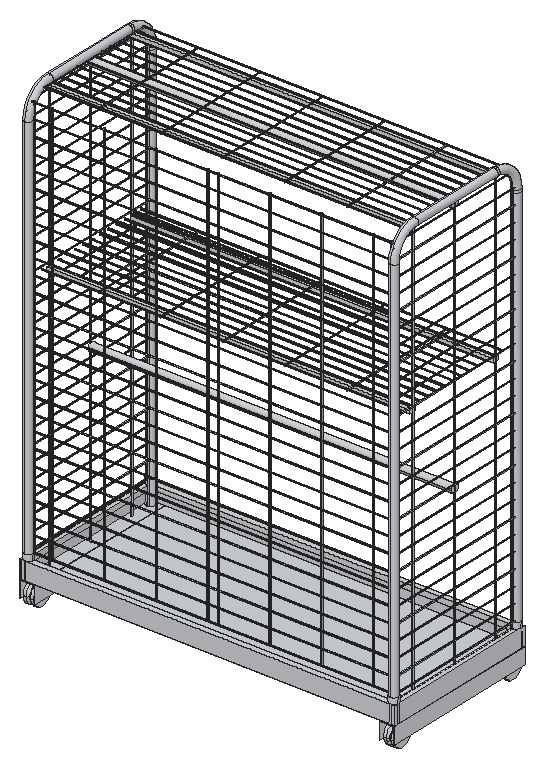
Revit family "GB 2 Cart - 2012", category Generic Models, host Floor, Revit 2012
Parameters
  URL = "http://www.wengercorp.com/Home/Contact.html"
  Silver Grille and Tubes = none
  Part Number = "241A054"
  Manufacturer = "Wenger Corporation"
  Keynote = "Wenger Gear Boss 2 Carts"
  Description = "Gear Boss 2 Cart"
  Black Paint = none
  Aluminium Wheel = none
Reference planes (in)
  plane 1 "Center (Front/Back)": y = 0
  plane 2: z = 0
  plane 3 "Center (Left/Right)": x = 0
  plane 4 "Wheele Revolve": z = 2
  plane 5 "Base SP": z = 4.864
  plane 6 "Bottom Pipe SP": z = 9.43822
Forms (in)
  Extrusion 1, solid, material <- "Black Paint"
    sketch origin (0, 0, 4.864) x (0, 1, 0) y (-1, 0, 0)
      loop
        line (-15.7, 36.2) -> (-15.7, -36.2) -> (15.7, -36.2) -> (15.7, 36.2) -> (-15.7, 36.2)
    from 0 to 0.07422
  Sweep 2, solid, material <- "Black Paint"
    path in 3D
      loop
        line (-36.2, 15.7, 4.93822) -> (-36.2, -15.7, 4.93822) -> (36.2, -15.7, 4.93822) -> (36.2, 15.7, 4.93822) -> (-36.2, 15.7, 4.93822)
    profile origin (0, 15.7, 4.93822) x (0, -1, 0) y (0, 0, 1)
      loop
        line (0, 0) -> (0.07422, 0) -> (0.07422, 3.42578) -> (0.92578, 3.42578) -> (0.92578, 2.5) -> (1, 2.5) -> (1, 3.5) -> (0, 3.5) -> (0, 0)
  Extrusion 3, solid, material <- "Black Paint"
    sketch origin (0, 0, 0) x (1, 0, 0) y (0, 0, 1)
      loop
        line (36.2, 4.864) -> (33.25, 4.864) -> (33.25, 1.509) -> (33.355, 1.509) -> (33.355, 4.759) -> (36.095, 4.759) -> (36.095, 1.614) -> (36.2, 1.614) -> (36.2, 4.864)
    from -15.7 to 15.7
  Extrusion 4, solid, material <- "Black Paint"
    sketch origin (0, 0, 0) x (-1, 0, 0) y (0, 0, -1)
      loop
        line (36.2, -4.864) -> (36.2, -1.614) -> (36.095, -1.614) -> (36.095, -4.759) -> (33.355, -4.759) -> (33.355, -1.509) -> (33.25, -1.509) -> (33.25, -4.864) -> (36.2, -4.864)
    from -15.62578 to 15.7
  Extrusion 5, solid, material <- "Black Paint"
    sketch origin (36.12578, 15.62578, 4.93822) x (0, 1, 0) y (1, 0, 0)
      loop
        circle (-0.80078, -0.80078) r 0.875
    from -4.5 to 0
  Extrusion 6, solid, material <- "Black Paint"
    sketch origin (36.12578, -15.62578, 4.93822) x (0, 1, 0) y (1, 0, 0)
      loop
        circle (0.80078, -0.80078) r 0.875
    from -4.5 to 0
  Extrusion 7, solid, material <- "Black Paint"
    sketch origin (-36.12578, 15.62578, 4.93822) x (0, -1, 0) y (-1, 0, 0)
      loop
        circle (0.80078, -0.80078) r 0.875
    from -4.5 to 0
  Extrusion 8, solid, material <- "Black Paint"
    sketch origin (-36.12578, -15.62578, 4.93822) x (0, -1, 0) y (-1, 0, 0)
      loop
        circle (-0.80078, -0.80078) r 0.875
    from -4.5 to 0
  Sweep 9, solid, material <- "Silver Grille and Tubes"
    path origin (-36.2, 15.7, 4.93822) x (0, -1, 0) y (0, 0, 1)
      loop
        line (0.875, 4.5) -> (0.875, 78.93) -> (0.875, 79.435)
        arc (0.875, 79.435) -> (2.33947, 82.97053) -> (5.875, 84.435) r 5
        line (5.875, 84.435) -> (6.38, 84.435) -> (25.525, 84.435)
        arc (25.525, 84.435) -> (29.06053, 82.97053) -> (30.525, 79.435) r 5
        line (30.525, 79.435) -> (30.525, 4.5)
    profile origin (-36.2, 14.825, 46.65322) x (0, 1, 0) y (-1, 0, 0)
      loop
        circle (0, -0.875) r 0.75
  Sweep 10, solid, material <- "Silver Grille and Tubes"
    path origin (36.2, 15.7, 4.93822) x (0, -1, 0) y (0, 0, -1)
      loop
        line (0.875, -4.5) -> (0.875, -78.93) -> (0.875, -79.435)
        arc (0.875, -79.435) -> (2.33947, -82.97053) -> (5.875, -84.435) r 5
        line (5.875, -84.435) -> (6.38, -84.435) -> (25.525, -84.435)
        arc (25.525, -84.435) -> (29.06053, -82.97053) -> (30.525, -79.435) r 5
        line (30.525, -79.435) -> (30.525, -4.5)
    profile origin (36.2, 14.825, 46.65322) x (0, -1, 0) y (1, 0, 0)
      loop
        circle (0, -0.875) r 0.75
  Extrusion 11, solid, material <- "Silver Grille and Tubes"
    sketch origin (0, 0, 0) x (1, 0, 0) y (0, 0, 1)
      loop
        line (35.37898, 9.43822) -> (35.43296, 9.53172) -> (35.37898, 9.62522) -> (35.27102, 9.62522) -> (35.21704, 9.53172) -> (35.27102, 9.43822) -> (35.37898, 9.43822)
    from -14.4019 to 14.51017
  Extrusion 12, solid, material <- "Silver Grille and Tubes"
    sketch origin (0, 0, 3) x (1, 0, 0) y (0, 0, 1)
      loop
        line (35.37898, 9.43822) -> (35.43296, 9.53172) -> (35.37898, 9.62522) -> (35.27102, 9.62522) -> (35.21704, 9.53172) -> (35.27102, 9.43822) -> (35.37898, 9.43822)
    from -14.4019 to 14.51017
  Extrusion 13, solid, material <- "Silver Grille and Tubes"
    sketch origin (0, 0, 6) x (1, 0, 0) y (0, 0, 1)
      loop
        line (35.37898, 9.43822) -> (35.43296, 9.53172) -> (35.37898, 9.62522) -> (35.27102, 9.62522) -> (35.21704, 9.53172) -> (35.27102, 9.43822) -> (35.37898, 9.43822)
    from -14.4019 to 14.51017
  Extrusion 14, solid, material <- "Silver Grille and Tubes"
    sketch origin (0, 0, 9) x (1, 0, 0) y (0, 0, 1)
      loop
        line (35.37898, 9.43822) -> (35.43296, 9.53172) -> (35.37898, 9.62522) -> (35.27102, 9.62522) -> (35.21704, 9.53172) -> (35.27102, 9.43822) -> (35.37898, 9.43822)
    from -14.4019 to 14.51017
  Extrusion 15, solid, material <- "Silver Grille and Tubes"
    sketch origin (0, 0, 12) x (1, 0, 0) y (0, 0, 1)
      loop
        line (35.37898, 9.43822) -> (35.43296, 9.53172) -> (35.37898, 9.62522) -> (35.27102, 9.62522) -> (35.21704, 9.53172) -> (35.27102, 9.43822) -> (35.37898, 9.43822)
    from -14.4019 to 14.51017
  Extrusion 16, solid, material <- "Silver Grille and Tubes"
    sketch origin (0, 0, 15) x (1, 0, 0) y (0, 0, 1)
      loop
        line (35.37898, 9.43822) -> (35.43296, 9.53172) -> (35.37898, 9.62522) -> (35.27102, 9.62522) -> (35.21704, 9.53172) -> (35.27102, 9.43822) -> (35.37898, 9.43822)
    from -14.4019 to 14.51017
  Extrusion 17, solid, material <- "Silver Grille and Tubes"
    sketch origin (0, 0, 18) x (1, 0, 0) y (0, 0, 1)
      loop
        line (35.37898, 9.43822) -> (35.43296, 9.53172) -> (35.37898, 9.62522) -> (35.27102, 9.62522) -> (35.21704, 9.53172) -> (35.27102, 9.43822) -> (35.37898, 9.43822)
    from -14.4019 to 14.51017
  Extrusion 18, solid, material <- "Silver Grille and Tubes"
    sketch origin (0, 0, 21) x (1, 0, 0) y (0, 0, 1)
      loop
        line (35.37898, 9.43822) -> (35.43296, 9.53172) -> (35.37898, 9.62522) -> (35.27102, 9.62522) -> (35.21704, 9.53172) -> (35.27102, 9.43822) -> (35.37898, 9.43822)
    from -14.4019 to 14.51017
  Extrusion 19, solid, material <- "Silver Grille and Tubes"
    sketch origin (0, 0, 24) x (1, 0, 0) y (0, 0, 1)
      loop
        line (35.37898, 9.43822) -> (35.43296, 9.53172) -> (35.37898, 9.62522) -> (35.27102, 9.62522) -> (35.21704, 9.53172) -> (35.27102, 9.43822) -> (35.37898, 9.43822)
    from -14.4019 to 14.51017
  Extrusion 20, solid, material <- "Silver Grille and Tubes"
    sketch origin (0, 0, 27) x (1, 0, 0) y (0, 0, 1)
      loop
        line (35.37898, 9.43822) -> (35.43296, 9.53172) -> (35.37898, 9.62522) -> (35.27102, 9.62522) -> (35.21704, 9.53172) -> (35.27102, 9.43822) -> (35.37898, 9.43822)
    from -14.4019 to 14.51017
  Extrusion 21, solid, material <- "Silver Grille and Tubes"
    sketch origin (0, 0, 30) x (1, 0, 0) y (0, 0, 1)
      loop
        line (35.37898, 9.43822) -> (35.43296, 9.53172) -> (35.37898, 9.62522) -> (35.27102, 9.62522) -> (35.21704, 9.53172) -> (35.27102, 9.43822) -> (35.37898, 9.43822)
    from -14.4019 to 14.51017
  Extrusion 22, solid, material <- "Silver Grille and Tubes"
    sketch origin (0, 0, 33) x (1, 0, 0) y (0, 0, 1)
      loop
        line (35.37898, 9.43822) -> (35.43296, 9.53172) -> (35.37898, 9.62522) -> (35.27102, 9.62522) -> (35.21704, 9.53172) -> (35.27102, 9.43822) -> (35.37898, 9.43822)
    from -14.4019 to 14.51017
  Extrusion 23, solid, material <- "Silver Grille and Tubes"
    sketch origin (0, 0, 36) x (1, 0, 0) y (0, 0, 1)
      loop
        line (35.37898, 9.43822) -> (35.43296, 9.53172) -> (35.37898, 9.62522) -> (35.27102, 9.62522) -> (35.21704, 9.53172) -> (35.27102, 9.43822) -> (35.37898, 9.43822)
    from -14.4019 to 14.51017
  Extrusion 24, solid, material <- "Silver Grille and Tubes"
    sketch origin (0, 0, 39) x (1, 0, 0) y (0, 0, 1)
      loop
        line (35.37898, 9.43822) -> (35.43296, 9.53172) -> (35.37898, 9.62522) -> (35.27102, 9.62522) -> (35.21704, 9.53172) -> (35.27102, 9.43822) -> (35.37898, 9.43822)
    from -14.4019 to 14.51017
  Extrusion 25, solid, material <- "Silver Grille and Tubes"
    sketch origin (0, 0, 42) x (1, 0, 0) y (0, 0, 1)
      loop
        line (35.37898, 9.43822) -> (35.43296, 9.53172) -> (35.37898, 9.62522) -> (35.27102, 9.62522) -> (35.21704, 9.53172) -> (35.27102, 9.43822) -> (35.37898, 9.43822)
    from -14.4019 to 14.51017
  Extrusion 26, solid, material <- "Silver Grille and Tubes"
    sketch origin (0, 0, 45) x (1, 0, 0) y (0, 0, 1)
      loop
        line (35.37898, 9.43822) -> (35.43296, 9.53172) -> (35.37898, 9.62522) -> (35.27102, 9.62522) -> (35.21704, 9.53172) -> (35.27102, 9.43822) -> (35.37898, 9.43822)
    from -14.4019 to 14.51017
  Extrusion 27, solid, material <- "Silver Grille and Tubes"
    sketch origin (0, 0, 48) x (1, 0, 0) y (0, 0, 1)
      loop
        line (35.37898, 9.43822) -> (35.43296, 9.53172) -> (35.37898, 9.62522) -> (35.27102, 9.62522) -> (35.21704, 9.53172) -> (35.27102, 9.43822) -> (35.37898, 9.43822)
    from -14.4019 to 14.51017
  Extrusion 28, solid, material <- "Silver Grille and Tubes"
    sketch origin (0, 0, 51) x (1, 0, 0) y (0, 0, 1)
      loop
        line (35.37898, 9.43822) -> (35.43296, 9.53172) -> (35.37898, 9.62522) -> (35.27102, 9.62522) -> (35.21704, 9.53172) -> (35.27102, 9.43822) -> (35.37898, 9.43822)
    from -14.4019 to 14.51017
  Extrusion 29, solid, material <- "Silver Grille and Tubes"
    sketch origin (0, 0, 54) x (1, 0, 0) y (0, 0, 1)
      loop
        line (35.37898, 9.43822) -> (35.43296, 9.53172) -> (35.37898, 9.62522) -> (35.27102, 9.62522) -> (35.21704, 9.53172) -> (35.27102, 9.43822) -> (35.37898, 9.43822)
    from -14.4019 to 14.51017
  Extrusion 30, solid, material <- "Silver Grille and Tubes"
    sketch origin (0, 0, 57) x (1, 0, 0) y (0, 0, 1)
      loop
        line (35.37898, 9.43822) -> (35.43296, 9.53172) -> (35.37898, 9.62522) -> (35.27102, 9.62522) -> (35.21704, 9.53172) -> (35.27102, 9.43822) -> (35.37898, 9.43822)
    from -14.4019 to 14.51017
  Extrusion 31, solid, material <- "Silver Grille and Tubes"
    sketch origin (0, 0, 60) x (1, 0, 0) y (0, 0, 1)
      loop
        line (35.37898, 9.43822) -> (35.43296, 9.53172) -> (35.37898, 9.62522) -> (35.27102, 9.62522) -> (35.21704, 9.53172) -> (35.27102, 9.43822) -> (35.37898, 9.43822)
    from -14.4019 to 14.51017
  Extrusion 32, solid, material <- "Silver Grille and Tubes"
    sketch origin (0, 0, 63) x (1, 0, 0) y (0, 0, 1)
      loop
        line (35.37898, 9.43822) -> (35.43296, 9.53172) -> (35.37898, 9.62522) -> (35.27102, 9.62522) -> (35.21704, 9.53172) -> (35.27102, 9.43822) -> (35.37898, 9.43822)
    from -14.4019 to 14.51017
  Extrusion 33, solid, material <- "Silver Grille and Tubes"
    sketch origin (0, 0, 66) x (1, 0, 0) y (0, 0, 1)
      loop
        line (35.37898, 9.43822) -> (35.43296, 9.53172) -> (35.37898, 9.62522) -> (35.27102, 9.62522) -> (35.21704, 9.53172) -> (35.27102, 9.43822) -> (35.37898, 9.43822)
    from -14.4019 to 14.51017
  Extrusion 34, solid, material <- "Silver Grille and Tubes"
    sketch origin (0, 0, 69) x (1, 0, 0) y (0, 0, 1)
      loop
        line (35.37898, 9.43822) -> (35.43296, 9.53172) -> (35.37898, 9.62522) -> (35.27102, 9.62522) -> (35.21704, 9.53172) -> (35.27102, 9.43822) -> (35.37898, 9.43822)
    from -14.4019 to 14.51017
  Extrusion 35, solid, material <- "Silver Grille and Tubes"
    sketch origin (0, 0, 72) x (1, 0, 0) y (0, 0, 1)
      loop
        line (35.37898, 9.43822) -> (35.43296, 9.53172) -> (35.37898, 9.62522) -> (35.27102, 9.62522) -> (35.21704, 9.53172) -> (35.27102, 9.43822) -> (35.37898, 9.43822)
    from -14.4019 to 14.51017
  Extrusion 36, solid, material <- "Silver Grille and Tubes"
    sketch origin (0, 0, 75) x (1, 0, 0) y (0, 0, 1)
      loop
        line (35.37898, 9.43822) -> (35.43296, 9.53172) -> (35.37898, 9.62522) -> (35.27102, 9.62522) -> (35.21704, 9.53172) -> (35.27102, 9.43822) -> (35.37898, 9.43822)
    from -14.4019 to 14.51017
  Extrusion 37, solid, material <- "Silver Grille and Tubes"
    sketch origin (0, 0, 78) x (1, 0, 0) y (0, 0, 1)
      loop
        line (35.37898, 9.43822) -> (35.43296, 9.53172) -> (35.37898, 9.62522) -> (35.27102, 9.62522) -> (35.21704, 9.53172) -> (35.27102, 9.43822) -> (35.37898, 9.43822)
    from -14.4019 to 14.51017
  Extrusion 38, solid, material <- "Silver Grille and Tubes", not visible
    sketch origin (0, 0, 0) x (1, 0, 0) y (0, 0, 1)
      loop
        line (35.37898, 9.43822) -> (35.43296, 9.53172) -> (35.37898, 9.62522) -> (35.27102, 9.62522) -> (35.21704, 9.53172) -> (35.27102, 9.43822) -> (35.37898, 9.43822)
    from -14.4019 to 14.51017
  Extrusion 39, solid, material <- "Silver Grille and Tubes", not visible
    sketch origin (0, 0, 0) x (1, 0, 0) y (0, 0, 1)
      loop
        line (35.37898, 9.43822) -> (35.43296, 9.53172) -> (35.37898, 9.62522) -> (35.27102, 9.62522) -> (35.21704, 9.53172) -> (35.27102, 9.43822) -> (35.37898, 9.43822)
    from -14.4019 to 14.51017
  Extrusion 40, solid, material <- "Silver Grille and Tubes", not visible
    sketch origin (0, 0, 3) x (1, 0, 0) y (0, 0, 1)
      loop
        line (35.37898, 9.43822) -> (35.43296, 9.53172) -> (35.37898, 9.62522) -> (35.27102, 9.62522) -> (35.21704, 9.53172) -> (35.27102, 9.43822) -> (35.37898, 9.43822)
    from -14.4019 to 14.51017
  Extrusion 41, solid, material <- "Silver Grille and Tubes", not visible
    sketch origin (0, 0, 6) x (1, 0, 0) y (0, 0, 1)
      loop
        line (35.37898, 9.43822) -> (35.43296, 9.53172) -> (35.37898, 9.62522) -> (35.27102, 9.62522) -> (35.21704, 9.53172) -> (35.27102, 9.43822) -> (35.37898, 9.43822)
    from -14.4019 to 14.51017
  Extrusion 42, solid, material <- "Silver Grille and Tubes", not visible
    sketch origin (0, 0, 9) x (1, 0, 0) y (0, 0, 1)
      loop
        line (35.37898, 9.43822) -> (35.43296, 9.53172) -> (35.37898, 9.62522) -> (35.27102, 9.62522) -> (35.21704, 9.53172) -> (35.27102, 9.43822) -> (35.37898, 9.43822)
    from -14.4019 to 14.51017
  Extrusion 43, solid, material <- "Silver Grille and Tubes", not visible
    sketch origin (0, 0, 12) x (1, 0, 0) y (0, 0, 1)
      loop
        line (35.37898, 9.43822) -> (35.43296, 9.53172) -> (35.37898, 9.62522) -> (35.27102, 9.62522) -> (35.21704, 9.53172) -> (35.27102, 9.43822) -> (35.37898, 9.43822)
    from -14.4019 to 14.51017
  Extrusion 44, solid, material <- "Silver Grille and Tubes", not visible
    sketch origin (0, 0, 15) x (1, 0, 0) y (0, 0, 1)
      loop
        line (35.37898, 9.43822) -> (35.43296, 9.53172) -> (35.37898, 9.62522) -> (35.27102, 9.62522) -> (35.21704, 9.53172) -> (35.27102, 9.43822) -> (35.37898, 9.43822)
    from -14.4019 to 14.51017
  Extrusion 45, solid, material <- "Silver Grille and Tubes", not visible
    sketch origin (0, 0, 18) x (1, 0, 0) y (0, 0, 1)
      loop
        line (35.37898, 9.43822) -> (35.43296, 9.53172) -> (35.37898, 9.62522) -> (35.27102, 9.62522) -> (35.21704, 9.53172) -> (35.27102, 9.43822) -> (35.37898, 9.43822)
    from -14.4019 to 14.51017
  Extrusion 46, solid, material <- "Silver Grille and Tubes", not visible
    sketch origin (0, 0, 21) x (1, 0, 0) y (0, 0, 1)
      loop
        line (35.37898, 9.43822) -> (35.43296, 9.53172) -> (35.37898, 9.62522) -> (35.27102, 9.62522) -> (35.21704, 9.53172) -> (35.27102, 9.43822) -> (35.37898, 9.43822)
    from -14.4019 to 14.51017
  Extrusion 47, solid, material <- "Silver Grille and Tubes", not visible
    sketch origin (0, 0, 24) x (1, 0, 0) y (0, 0, 1)
      loop
        line (35.37898, 9.43822) -> (35.43296, 9.53172) -> (35.37898, 9.62522) -> (35.27102, 9.62522) -> (35.21704, 9.53172) -> (35.27102, 9.43822) -> (35.37898, 9.43822)
    from -14.4019 to 14.51017
  Extrusion 48, solid, material <- "Silver Grille and Tubes", not visible
    sketch origin (0, 0, 27) x (1, 0, 0) y (0, 0, 1)
      loop
        line (35.37898, 9.43822) -> (35.43296, 9.53172) -> (35.37898, 9.62522) -> (35.27102, 9.62522) -> (35.21704, 9.53172) -> (35.27102, 9.43822) -> (35.37898, 9.43822)
    from -14.4019 to 14.51017
  Extrusion 49, solid, material <- "Silver Grille and Tubes", not visible
    sketch origin (0, 0, 30) x (1, 0, 0) y (0, 0, 1)
      loop
        line (35.37898, 9.43822) -> (35.43296, 9.53172) -> (35.37898, 9.62522) -> (35.27102, 9.62522) -> (35.21704, 9.53172) -> (35.27102, 9.43822) -> (35.37898, 9.43822)
    from -14.4019 to 14.51017
  Extrusion 50, solid, material <- "Silver Grille and Tubes", not visible
    sketch origin (0, 0, 33) x (1, 0, 0) y (0, 0, 1)
      loop
        line (35.37898, 9.43822) -> (35.43296, 9.53172) -> (35.37898, 9.62522) -> (35.27102, 9.62522) -> (35.21704, 9.53172) -> (35.27102, 9.43822) -> (35.37898, 9.43822)
    from -14.4019 to 14.51017
  Extrusion 51, solid, material <- "Silver Grille and Tubes", not visible
    sketch origin (0, 0, 36) x (1, 0, 0) y (0, 0, 1)
      loop
        line (35.37898, 9.43822) -> (35.43296, 9.53172) -> (35.37898, 9.62522) -> (35.27102, 9.62522) -> (35.21704, 9.53172) -> (35.27102, 9.43822) -> (35.37898, 9.43822)
    from -14.4019 to 14.51017
  Extrusion 52, solid, material <- "Silver Grille and Tubes", not visible
    sketch origin (0, 0, 39) x (1, 0, 0) y (0, 0, 1)
      loop
        line (35.37898, 9.43822) -> (35.43296, 9.53172) -> (35.37898, 9.62522) -> (35.27102, 9.62522) -> (35.21704, 9.53172) -> (35.27102, 9.43822) -> (35.37898, 9.43822)
    from -14.4019 to 14.51017
  Extrusion 53, solid, material <- "Silver Grille and Tubes", not visible
    sketch origin (0, 0, 42) x (1, 0, 0) y (0, 0, 1)
      loop
        line (35.37898, 9.43822) -> (35.43296, 9.53172) -> (35.37898, 9.62522) -> (35.27102, 9.62522) -> (35.21704, 9.53172) -> (35.27102, 9.43822) -> (35.37898, 9.43822)
    from -14.4019 to 14.51017
  Extrusion 54, solid, material <- "Silver Grille and Tubes", not visible
    sketch origin (0, 0, 45) x (1, 0, 0) y (0, 0, 1)
      loop
        line (35.37898, 9.43822) -> (35.43296, 9.53172) -> (35.37898, 9.62522) -> (35.27102, 9.62522) -> (35.21704, 9.53172) -> (35.27102, 9.43822) -> (35.37898, 9.43822)
    from -14.4019 to 14.51017
  Extrusion 55, solid, material <- "Silver Grille and Tubes", not visible
    sketch origin (0, 0, 48) x (1, 0, 0) y (0, 0, 1)
      loop
        line (35.37898, 9.43822) -> (35.43296, 9.53172) -> (35.37898, 9.62522) -> (35.27102, 9.62522) -> (35.21704, 9.53172) -> (35.27102, 9.43822) -> (35.37898, 9.43822)
    from -14.4019 to 14.51017
  Extrusion 56, solid, material <- "Silver Grille and Tubes", not visible
    sketch origin (0, 0, 51) x (1, 0, 0) y (0, 0, 1)
      loop
        line (35.37898, 9.43822) -> (35.43296, 9.53172) -> (35.37898, 9.62522) -> (35.27102, 9.62522) -> (35.21704, 9.53172) -> (35.27102, 9.43822) -> (35.37898, 9.43822)
    from -14.4019 to 14.51017
  Extrusion 57, solid, material <- "Silver Grille and Tubes", not visible
    sketch origin (0, 0, 54) x (1, 0, 0) y (0, 0, 1)
      loop
        line (35.37898, 9.43822) -> (35.43296, 9.53172) -> (35.37898, 9.62522) -> (35.27102, 9.62522) -> (35.21704, 9.53172) -> (35.27102, 9.43822) -> (35.37898, 9.43822)
    from -14.4019 to 14.51017
  Extrusion 58, solid, material <- "Silver Grille and Tubes", not visible
    sketch origin (0, 0, 57) x (1, 0, 0) y (0, 0, 1)
      loop
        line (35.37898, 9.43822) -> (35.43296, 9.53172) -> (35.37898, 9.62522) -> (35.27102, 9.62522) -> (35.21704, 9.53172) -> (35.27102, 9.43822) -> (35.37898, 9.43822)
    from -14.4019 to 14.51017
  Extrusion 59, solid, material <- "Silver Grille and Tubes", not visible
    sketch origin (0, 0, 60) x (1, 0, 0) y (0, 0, 1)
      loop
        line (35.37898, 9.43822) -> (35.43296, 9.53172) -> (35.37898, 9.62522) -> (35.27102, 9.62522) -> (35.21704, 9.53172) -> (35.27102, 9.43822) -> (35.37898, 9.43822)
    from -14.4019 to 14.51017
  Extrusion 60, solid, material <- "Silver Grille and Tubes", not visible
    sketch origin (0, 0, 63) x (1, 0, 0) y (0, 0, 1)
      loop
        line (35.37898, 9.43822) -> (35.43296, 9.53172) -> (35.37898, 9.62522) -> (35.27102, 9.62522) -> (35.21704, 9.53172) -> (35.27102, 9.43822) -> (35.37898, 9.43822)
    from -14.4019 to 14.51017
  Extrusion 61, solid, material <- "Silver Grille and Tubes", not visible
    sketch origin (0, 0, 66) x (1, 0, 0) y (0, 0, 1)
      loop
        line (35.37898, 9.43822) -> (35.43296, 9.53172) -> (35.37898, 9.62522) -> (35.27102, 9.62522) -> (35.21704, 9.53172) -> (35.27102, 9.43822) -> (35.37898, 9.43822)
    from -14.4019 to 14.51017
  Extrusion 62, solid, material <- "Silver Grille and Tubes", not visible
    sketch origin (0, 0, 69) x (1, 0, 0) y (0, 0, 1)
      loop
        line (35.37898, 9.43822) -> (35.43296, 9.53172) -> (35.37898, 9.62522) -> (35.27102, 9.62522) -> (35.21704, 9.53172) -> (35.27102, 9.43822) -> (35.37898, 9.43822)
    from -14.4019 to 14.51017
  Extrusion 63, solid, material <- "Silver Grille and Tubes", not visible
    sketch origin (0, 0, 72) x (1, 0, 0) y (0, 0, 1)
      loop
        line (35.37898, 9.43822) -> (35.43296, 9.53172) -> (35.37898, 9.62522) -> (35.27102, 9.62522) -> (35.21704, 9.53172) -> (35.27102, 9.43822) -> (35.37898, 9.43822)
    from -14.4019 to 14.51017
  Extrusion 64, solid, material <- "Silver Grille and Tubes", not visible
    sketch origin (0, 0, 75) x (1, 0, 0) y (0, 0, 1)
      loop
        line (35.37898, 9.43822) -> (35.43296, 9.53172) -> (35.37898, 9.62522) -> (35.27102, 9.62522) -> (35.21704, 9.53172) -> (35.27102, 9.43822) -> (35.37898, 9.43822)
    from -14.4019 to 14.51017
  Extrusion 65, solid, material <- "Silver Grille and Tubes", not visible
    sketch origin (0, 0, 78) x (1, 0, 0) y (0, 0, 1)
      loop
        line (35.37898, 9.43822) -> (35.43296, 9.53172) -> (35.37898, 9.62522) -> (35.27102, 9.62522) -> (35.21704, 9.53172) -> (35.27102, 9.43822) -> (35.37898, 9.43822)
    from -14.4019 to 14.51017
  Extrusion 66, solid, material <- "Silver Grille and Tubes"
    sketch origin (0, 0, 0) x (-1, 0, 0) y (0, 0, 1)
      loop
        line (35.37898, 9.43822) -> (35.43296, 9.53172) -> (35.37898, 9.62522) -> (35.27102, 9.62522) -> (35.21704, 9.53172) -> (35.27102, 9.43822) -> (35.37898, 9.43822)
    from -14.4019 to 14.51017
  Extrusion 67, solid, material <- "Silver Grille and Tubes"
    sketch origin (0, 0, 3) x (-1, 0, 0) y (0, 0, 1)
      loop
        line (35.37898, 9.43822) -> (35.43296, 9.53172) -> (35.37898, 9.62522) -> (35.27102, 9.62522) -> (35.21704, 9.53172) -> (35.27102, 9.43822) -> (35.37898, 9.43822)
    from -14.4019 to 14.51017
  Extrusion 68, solid, material <- "Silver Grille and Tubes"
    sketch origin (0, 0, 6) x (-1, 0, 0) y (0, 0, 1)
      loop
        line (35.37898, 9.43822) -> (35.43296, 9.53172) -> (35.37898, 9.62522) -> (35.27102, 9.62522) -> (35.21704, 9.53172) -> (35.27102, 9.43822) -> (35.37898, 9.43822)
    from -14.4019 to 14.51017
  Extrusion 69, solid, material <- "Silver Grille and Tubes"
    sketch origin (0, 0, 9) x (-1, 0, 0) y (0, 0, 1)
      loop
        line (35.37898, 9.43822) -> (35.43296, 9.53172) -> (35.37898, 9.62522) -> (35.27102, 9.62522) -> (35.21704, 9.53172) -> (35.27102, 9.43822) -> (35.37898, 9.43822)
    from -14.4019 to 14.51017
  Extrusion 70, solid, material <- "Silver Grille and Tubes"
    sketch origin (0, 0, 12) x (-1, 0, 0) y (0, 0, 1)
      loop
        line (35.37898, 9.43822) -> (35.43296, 9.53172) -> (35.37898, 9.62522) -> (35.27102, 9.62522) -> (35.21704, 9.53172) -> (35.27102, 9.43822) -> (35.37898, 9.43822)
    from -14.4019 to 14.51017
  Extrusion 71, solid, material <- "Silver Grille and Tubes"
    sketch origin (0, 0, 15) x (-1, 0, 0) y (0, 0, 1)
      loop
        line (35.37898, 9.43822) -> (35.43296, 9.53172) -> (35.37898, 9.62522) -> (35.27102, 9.62522) -> (35.21704, 9.53172) -> (35.27102, 9.43822) -> (35.37898, 9.43822)
    from -14.4019 to 14.51017
  Extrusion 72, solid, material <- "Silver Grille and Tubes"
    sketch origin (0, 0, 18) x (-1, 0, 0) y (0, 0, 1)
      loop
        line (35.37898, 9.43822) -> (35.43296, 9.53172) -> (35.37898, 9.62522) -> (35.27102, 9.62522) -> (35.21704, 9.53172) -> (35.27102, 9.43822) -> (35.37898, 9.43822)
    from -14.4019 to 14.51017
  Extrusion 73, solid, material <- "Silver Grille and Tubes"
    sketch origin (0, 0, 21) x (-1, 0, 0) y (0, 0, 1)
      loop
        line (35.37898, 9.43822) -> (35.43296, 9.53172) -> (35.37898, 9.62522) -> (35.27102, 9.62522) -> (35.21704, 9.53172) -> (35.27102, 9.43822) -> (35.37898, 9.43822)
    from -14.4019 to 14.51017
  Extrusion 74, solid, material <- "Silver Grille and Tubes"
    sketch origin (0, 0, 24) x (-1, 0, 0) y (0, 0, 1)
      loop
        line (35.37898, 9.43822) -> (35.43296, 9.53172) -> (35.37898, 9.62522) -> (35.27102, 9.62522) -> (35.21704, 9.53172) -> (35.27102, 9.43822) -> (35.37898, 9.43822)
    from -14.4019 to 14.51017
  Extrusion 75, solid, material <- "Silver Grille and Tubes"
    sketch origin (0, 0, 27) x (-1, 0, 0) y (0, 0, 1)
      loop
        line (35.37898, 9.43822) -> (35.43296, 9.53172) -> (35.37898, 9.62522) -> (35.27102, 9.62522) -> (35.21704, 9.53172) -> (35.27102, 9.43822) -> (35.37898, 9.43822)
    from -14.4019 to 14.51017
  Extrusion 76, solid, material <- "Silver Grille and Tubes"
    sketch origin (0, 0, 30) x (-1, 0, 0) y (0, 0, 1)
      loop
        line (35.37898, 9.43822) -> (35.43296, 9.53172) -> (35.37898, 9.62522) -> (35.27102, 9.62522) -> (35.21704, 9.53172) -> (35.27102, 9.43822) -> (35.37898, 9.43822)
    from -14.4019 to 14.51017
  Extrusion 77, solid, material <- "Silver Grille and Tubes"
    sketch origin (0, 0, 33) x (-1, 0, 0) y (0, 0, 1)
      loop
        line (35.37898, 9.43822) -> (35.43296, 9.53172) -> (35.37898, 9.62522) -> (35.27102, 9.62522) -> (35.21704, 9.53172) -> (35.27102, 9.43822) -> (35.37898, 9.43822)
    from -14.4019 to 14.51017
  Extrusion 78, solid, material <- "Silver Grille and Tubes"
    sketch origin (0, 0, 36) x (-1, 0, 0) y (0, 0, 1)
      loop
        line (35.37898, 9.43822) -> (35.43296, 9.53172) -> (35.37898, 9.62522) -> (35.27102, 9.62522) -> (35.21704, 9.53172) -> (35.27102, 9.43822) -> (35.37898, 9.43822)
    from -14.4019 to 14.51017
  Extrusion 79, solid, material <- "Silver Grille and Tubes"
    sketch origin (0, 0, 39) x (-1, 0, 0) y (0, 0, 1)
      loop
        line (35.37898, 9.43822) -> (35.43296, 9.53172) -> (35.37898, 9.62522) -> (35.27102, 9.62522) -> (35.21704, 9.53172) -> (35.27102, 9.43822) -> (35.37898, 9.43822)
    from -14.4019 to 14.51017
  Extrusion 80, solid, material <- "Silver Grille and Tubes"
    sketch origin (0, 0, 42) x (-1, 0, 0) y (0, 0, 1)
      loop
        line (35.37898, 9.43822) -> (35.43296, 9.53172) -> (35.37898, 9.62522) -> (35.27102, 9.62522) -> (35.21704, 9.53172) -> (35.27102, 9.43822) -> (35.37898, 9.43822)
    from -14.4019 to 14.51017
  Extrusion 81, solid, material <- "Silver Grille and Tubes"
    sketch origin (0, 0, 45) x (-1, 0, 0) y (0, 0, 1)
      loop
        line (35.37898, 9.43822) -> (35.43296, 9.53172) -> (35.37898, 9.62522) -> (35.27102, 9.62522) -> (35.21704, 9.53172) -> (35.27102, 9.43822) -> (35.37898, 9.43822)
    from -14.4019 to 14.51017
  Extrusion 82, solid, material <- "Silver Grille and Tubes"
    sketch origin (0, 0, 48) x (-1, 0, 0) y (0, 0, 1)
      loop
        line (35.37898, 9.43822) -> (35.43296, 9.53172) -> (35.37898, 9.62522) -> (35.27102, 9.62522) -> (35.21704, 9.53172) -> (35.27102, 9.43822) -> (35.37898, 9.43822)
    from -14.4019 to 14.51017
  Extrusion 83, solid, material <- "Silver Grille and Tubes"
    sketch origin (0, 0, 51) x (-1, 0, 0) y (0, 0, 1)
      loop
        line (35.37898, 9.43822) -> (35.43296, 9.53172) -> (35.37898, 9.62522) -> (35.27102, 9.62522) -> (35.21704, 9.53172) -> (35.27102, 9.43822) -> (35.37898, 9.43822)
    from -14.4019 to 14.51017
  Extrusion 84, solid, material <- "Silver Grille and Tubes"
    sketch origin (0, 0, 54) x (-1, 0, 0) y (0, 0, 1)
      loop
        line (35.37898, 9.43822) -> (35.43296, 9.53172) -> (35.37898, 9.62522) -> (35.27102, 9.62522) -> (35.21704, 9.53172) -> (35.27102, 9.43822) -> (35.37898, 9.43822)
    from -14.4019 to 14.51017
  Extrusion 85, solid, material <- "Silver Grille and Tubes"
    sketch origin (0, 0, 57) x (-1, 0, 0) y (0, 0, 1)
      loop
        line (35.37898, 9.43822) -> (35.43296, 9.53172) -> (35.37898, 9.62522) -> (35.27102, 9.62522) -> (35.21704, 9.53172) -> (35.27102, 9.43822) -> (35.37898, 9.43822)
    from -14.4019 to 14.51017
  Extrusion 86, solid, material <- "Silver Grille and Tubes"
    sketch origin (0, 0, 60) x (-1, 0, 0) y (0, 0, 1)
      loop
        line (35.37898, 9.43822) -> (35.43296, 9.53172) -> (35.37898, 9.62522) -> (35.27102, 9.62522) -> (35.21704, 9.53172) -> (35.27102, 9.43822) -> (35.37898, 9.43822)
    from -14.4019 to 14.51017
  Extrusion 87, solid, material <- "Silver Grille and Tubes"
    sketch origin (0, 0, 63) x (-1, 0, 0) y (0, 0, 1)
      loop
        line (35.37898, 9.43822) -> (35.43296, 9.53172) -> (35.37898, 9.62522) -> (35.27102, 9.62522) -> (35.21704, 9.53172) -> (35.27102, 9.43822) -> (35.37898, 9.43822)
    from -14.4019 to 14.51017
  Extrusion 88, solid, material <- "Silver Grille and Tubes"
    sketch origin (0, 0, 66) x (-1, 0, 0) y (0, 0, 1)
      loop
        line (35.37898, 9.43822) -> (35.43296, 9.53172) -> (35.37898, 9.62522) -> (35.27102, 9.62522) -> (35.21704, 9.53172) -> (35.27102, 9.43822) -> (35.37898, 9.43822)
    from -14.4019 to 14.51017
  Extrusion 89, solid, material <- "Silver Grille and Tubes"
    sketch origin (0, 0, 69) x (-1, 0, 0) y (0, 0, 1)
      loop
        line (35.37898, 9.43822) -> (35.43296, 9.53172) -> (35.37898, 9.62522) -> (35.27102, 9.62522) -> (35.21704, 9.53172) -> (35.27102, 9.43822) -> (35.37898, 9.43822)
    from -14.4019 to 14.51017
  Extrusion 90, solid, material <- "Silver Grille and Tubes"
    sketch origin (0, 0, 72) x (-1, 0, 0) y (0, 0, 1)
      loop
        line (35.37898, 9.43822) -> (35.43296, 9.53172) -> (35.37898, 9.62522) -> (35.27102, 9.62522) -> (35.21704, 9.53172) -> (35.27102, 9.43822) -> (35.37898, 9.43822)
    from -14.4019 to 14.51017
  Extrusion 91, solid, material <- "Silver Grille and Tubes"
    sketch origin (0, 0, 75) x (-1, 0, 0) y (0, 0, 1)
      loop
        line (35.37898, 9.43822) -> (35.43296, 9.53172) -> (35.37898, 9.62522) -> (35.27102, 9.62522) -> (35.21704, 9.53172) -> (35.27102, 9.43822) -> (35.37898, 9.43822)
    from -14.4019 to 14.51017
  Extrusion 92, solid, material <- "Silver Grille and Tubes"
    sketch origin (0, 0, 78) x (-1, 0, 0) y (0, 0, 1)
      loop
        line (35.37898, 9.43822) -> (35.43296, 9.53172) -> (35.37898, 9.62522) -> (35.27102, 9.62522) -> (35.21704, 9.53172) -> (35.27102, 9.43822) -> (35.37898, 9.43822)
    from -14.4019 to 14.51017
  Extrusion 93, solid
    sketch origin (0, 0, 9.43822) x (0, -1, 0) y (1, 0, 0)
      loop
        line (13.92005, 35.21704) -> (13.81209, 35.21704) -> (13.75811, 35.12354) -> (13.81209, 35.03004) -> (13.92005, 35.03004) -> (13.97403, 35.12354) -> (13.92005, 35.21704)
    from -4.5 to 78.187
  Extrusion 94, solid
    sketch origin (0, 13.86605, 9.43822) x (0, -1, 0) y (1, 0, 0)
      loop
        line (13.92005, 35.21704) -> (13.81209, 35.21704) -> (13.75811, 35.12354) -> (13.81209, 35.03004) -> (13.92005, 35.03004) -> (13.97403, 35.12354) -> (13.92005, 35.21704)
    from -4.5 to 79.39236
  Extrusion 95, solid
    sketch origin (0, 3.86607, 9.43822) x (0, -1, 0) y (1, 0, 0)
      loop
        line (13.92005, 35.21704) -> (13.81209, 35.21704) -> (13.75811, 35.12354) -> (13.81209, 35.03004) -> (13.92005, 35.03004) -> (13.97403, 35.12354) -> (13.92005, 35.21704)
    from -4.5 to 79.39236
  Extrusion 96, solid
    sketch origin (0, 23.86607, 9.43822) x (0, -1, 0) y (1, 0, 0)
      loop
        line (13.92005, 35.21704) -> (13.81209, 35.21704) -> (13.75811, 35.12354) -> (13.81209, 35.03004) -> (13.92005, 35.03004) -> (13.97403, 35.12354) -> (13.92005, 35.21704)
    from -4.5 to 79.39236
  Extrusion 97, solid
    sketch origin (0, 27.73734, 9.43822) x (0, -1, 0) y (1, 0, 0)
      loop
        line (13.92005, 35.21704) -> (13.81209, 35.21704) -> (13.75811, 35.12354) -> (13.81209, 35.03004) -> (13.92005, 35.03004) -> (13.97403, 35.12354) -> (13.92005, 35.21704)
    from -4.5 to 78.187
  Extrusion 98, solid
    sketch origin (0, 0, 9.43822) x (0, -1, 0) y (1, 0, 0)
      loop
        line (13.92005, -35.21704) -> (13.97403, -35.12354) -> (13.92005, -35.03004) -> (13.81209, -35.03004) -> (13.75811, -35.12354) -> (13.81209, -35.21704) -> (13.92005, -35.21704)
    from -4.5 to 78.187
  Extrusion 99, solid, material <- "Silver Grille and Tubes"
    sketch origin (0, 13.86605, 9.43822) x (0, -1, 0) y (1, 0, 0)
      loop
        line (13.92005, -35.21704) -> (13.97403, -35.12354) -> (13.92005, -35.03004) -> (13.81209, -35.03004) -> (13.75811, -35.12354) -> (13.81209, -35.21704) -> (13.92005, -35.21704)
    from -4.5 to 79.58953
  Extrusion 100, solid
    sketch origin (0, 3.86607, 9.43822) x (0, -1, 0) y (1, 0, 0)
      loop
        line (13.92005, -35.21704) -> (13.97403, -35.12354) -> (13.92005, -35.03004) -> (13.81209, -35.03004) -> (13.75811, -35.12354) -> (13.81209, -35.21704) -> (13.92005, -35.21704)
    from -4.5 to 79.58953
  Extrusion 101, solid
    sketch origin (0, 23.86607, 9.43822) x (0, -1, 0) y (1, 0, 0)
      loop
        line (13.92005, -35.21704) -> (13.97403, -35.12354) -> (13.92005, -35.03004) -> (13.81209, -35.03004) -> (13.75811, -35.12354) -> (13.81209, -35.21704) -> (13.92005, -35.21704)
    from -4.5 to 79.58953
  Extrusion 102, solid
    sketch origin (0, 27.73734, 9.43822) x (0, -1, 0) y (1, 0, 0)
      loop
        line (13.92005, -35.21704) -> (13.97403, -35.12354) -> (13.92005, -35.03004) -> (13.81209, -35.03004) -> (13.75811, -35.12354) -> (13.81209, -35.21704) -> (13.92005, -35.21704)
    from -4.5 to 78.187
  Extrusion 103, solid, not visible
    sketch origin (0, 0, 9.43822) x (0, -1, 0) y (1, 0, 0)
      loop
        line (13.92005, 35.21704) -> (13.81209, 35.21704) -> (13.75811, 35.12354) -> (13.81209, 35.03004) -> (13.92005, 35.03004) -> (13.97403, 35.12354) -> (13.92005, 35.21704)
    from -4.5 to 78.187
  Extrusion 104, solid, not visible
    sketch origin (0, 13.86605, 9.43822) x (0, -1, 0) y (1, 0, 0)
      loop
        line (13.92005, 35.21704) -> (13.81209, 35.21704) -> (13.75811, 35.12354) -> (13.81209, 35.03004) -> (13.92005, 35.03004) -> (13.97403, 35.12354) -> (13.92005, 35.21704)
    from -4.5 to 79.39236
  Extrusion 105, solid, not visible
    sketch origin (0, 3.86607, 9.43822) x (0, -1, 0) y (1, 0, 0)
      loop
        line (13.92005, 35.21704) -> (13.81209, 35.21704) -> (13.75811, 35.12354) -> (13.81209, 35.03004) -> (13.92005, 35.03004) -> (13.97403, 35.12354) -> (13.92005, 35.21704)
    from -4.5 to 79.39236
  Extrusion 106, solid, not visible
    sketch origin (0, 23.86607, 9.43822) x (0, -1, 0) y (1, 0, 0)
      loop
        line (13.92005, 35.21704) -> (13.81209, 35.21704) -> (13.75811, 35.12354) -> (13.81209, 35.03004) -> (13.92005, 35.03004) -> (13.97403, 35.12354) -> (13.92005, 35.21704)
    from -4.5 to 79.39236
  Extrusion 107, solid, not visible
    sketch origin (0, 27.73734, 9.43822) x (0, -1, 0) y (1, 0, 0)
      loop
        line (13.92005, 35.21704) -> (13.81209, 35.21704) -> (13.75811, 35.12354) -> (13.81209, 35.03004) -> (13.92005, 35.03004) -> (13.97403, 35.12354) -> (13.92005, 35.21704)
    from -4.5 to 78.187
  Extrusion 108, solid, not visible
    sketch origin (0, 0, 9.43822) x (0, -1, 0) y (1, 0, 0)
      loop
        line (13.92005, -35.21704) -> (13.97403, -35.12354) -> (13.92005, -35.03004) -> (13.81209, -35.03004) -> (13.75811, -35.12354) -> (13.81209, -35.21704) -> (13.92005, -35.21704)
    from -4.5 to 78.187
  Extrusion 109, solid, material <- "Silver Grille and Tubes", not visible
    sketch origin (0, 13.86605, 9.43822) x (0, -1, 0) y (1, 0, 0)
      loop
        line (13.92005, -35.21704) -> (13.97403, -35.12354) -> (13.92005, -35.03004) -> (13.81209, -35.03004) -> (13.75811, -35.12354) -> (13.81209, -35.21704) -> (13.92005, -35.21704)
    from -4.5 to 79.58953
  Extrusion 110, solid, not visible
    sketch origin (0, 3.86607, 9.43822) x (0, -1, 0) y (1, 0, 0)
      loop
        line (13.92005, -35.21704) -> (13.97403, -35.12354) -> (13.92005, -35.03004) -> (13.81209, -35.03004) -> (13.75811, -35.12354) -> (13.81209, -35.21704) -> (13.92005, -35.21704)
    from -4.5 to 79.58953
  Extrusion 111, solid, not visible
    sketch origin (0, 23.86607, 9.43822) x (0, -1, 0) y (1, 0, 0)
      loop
        line (13.92005, -35.21704) -> (13.97403, -35.12354) -> (13.92005, -35.03004) -> (13.81209, -35.03004) -> (13.75811, -35.12354) -> (13.81209, -35.21704) -> (13.92005, -35.21704)
    from -4.5 to 79.58953
  Extrusion 112, solid, not visible
    sketch origin (0, 27.73734, 9.43822) x (0, -1, 0) y (1, 0, 0)
      loop
        line (13.92005, -35.21704) -> (13.97403, -35.12354) -> (13.92005, -35.03004) -> (13.81209, -35.03004) -> (13.75811, -35.12354) -> (13.81209, -35.21704) -> (13.92005, -35.21704)
    from -4.5 to 78.187
  Extrusion 113, solid, material <- "Silver Grille and Tubes"
    sketch origin (0, 0.28125, 1) x (0, 1, 0) y (0, 0, 1)
      loop
        line (-14.77102, 8.43822) -> (-14.71704, 8.53172) -> (-14.77102, 8.62522) -> (-14.87898, 8.62522) -> (-14.93296, 8.53172) -> (-14.87898, 8.43822) -> (-14.77102, 8.43822)
    from -34.87177 to 34.87177
  Extrusion 114, solid, material <- "Silver Grille and Tubes"
    sketch origin (0, 0.28305, 4) x (0, 1, 0) y (0, 0, 1)
      loop
        line (-14.77102, 8.43822) -> (-14.71704, 8.53172) -> (-14.77102, 8.62522) -> (-14.87898, 8.62522) -> (-14.93296, 8.53172) -> (-14.87898, 8.43822) -> (-14.77102, 8.43822)
    from -34.87177 to 34.87177
  Extrusion 115, solid, material <- "Silver Grille and Tubes"
    sketch origin (0, 0.28486, 7) x (0, 1, 0) y (0, 0, 1)
      loop
        line (-14.77102, 8.43822) -> (-14.71704, 8.53172) -> (-14.77102, 8.62522) -> (-14.87898, 8.62522) -> (-14.93296, 8.53172) -> (-14.87898, 8.43822) -> (-14.77102, 8.43822)
    from -34.87177 to 34.87177
  Extrusion 116, solid, material <- "Silver Grille and Tubes"
    sketch origin (0, 0.28666, 10) x (0, 1, 0) y (0, 0, 1)
      loop
        line (-14.77102, 8.43822) -> (-14.71704, 8.53172) -> (-14.77102, 8.62522) -> (-14.87898, 8.62522) -> (-14.93296, 8.53172) -> (-14.87898, 8.43822) -> (-14.77102, 8.43822)
    from -34.87177 to 34.87177
  Extrusion 117, solid, material <- "Silver Grille and Tubes"
    sketch origin (0, 0.28846, 13) x (0, 1, 0) y (0, 0, 1)
      loop
        line (-14.77102, 8.43822) -> (-14.71704, 8.53172) -> (-14.77102, 8.62522) -> (-14.87898, 8.62522) -> (-14.93296, 8.53172) -> (-14.87898, 8.43822) -> (-14.77102, 8.43822)
    from -34.87177 to 34.87177
  Extrusion 118, solid, material <- "Silver Grille and Tubes"
    sketch origin (0, 0.29026, 16) x (0, 1, 0) y (0, 0, 1)
      loop
        line (-14.77102, 8.43822) -> (-14.71704, 8.53172) -> (-14.77102, 8.62522) -> (-14.87898, 8.62522) -> (-14.93296, 8.53172) -> (-14.87898, 8.43822) -> (-14.77102, 8.43822)
    from -34.87177 to 34.87177
  Extrusion 119, solid, material <- "Silver Grille and Tubes"
    sketch origin (0, 0.29207, 19) x (0, 1, 0) y (0, 0, 1)
      loop
        line (-14.77102, 8.43822) -> (-14.71704, 8.53172) -> (-14.77102, 8.62522) -> (-14.87898, 8.62522) -> (-14.93296, 8.53172) -> (-14.87898, 8.43822) -> (-14.77102, 8.43822)
    from -34.87177 to 34.87177
  Extrusion 120, solid, material <- "Silver Grille and Tubes"
    sketch origin (0, 0.29387, 22) x (0, 1, 0) y (0, 0, 1)
      loop
        line (-14.77102, 8.43822) -> (-14.71704, 8.53172) -> (-14.77102, 8.62522) -> (-14.87898, 8.62522) -> (-14.93296, 8.53172) -> (-14.87898, 8.43822) -> (-14.77102, 8.43822)
    from -34.87177 to 34.87177
  Extrusion 121, solid, material <- "Silver Grille and Tubes"
    sketch origin (0, 0.29567, 25) x (0, 1, 0) y (0, 0, 1)
      loop
        line (-14.77102, 8.43822) -> (-14.71704, 8.53172) -> (-14.77102, 8.62522) -> (-14.87898, 8.62522) -> (-14.93296, 8.53172) -> (-14.87898, 8.43822) -> (-14.77102, 8.43822)
    from -34.87177 to 34.87177
  Extrusion 122, solid, material <- "Silver Grille and Tubes"
    sketch origin (0, 0.29748, 28) x (0, 1, 0) y (0, 0, 1)
      loop
        line (-14.77102, 8.43822) -> (-14.71704, 8.53172) -> (-14.77102, 8.62522) -> (-14.87898, 8.62522) -> (-14.93296, 8.53172) -> (-14.87898, 8.43822) -> (-14.77102, 8.43822)
    from -34.87177 to 34.87177
  Extrusion 123, solid, material <- "Silver Grille and Tubes"
    sketch origin (0, 0.29928, 31) x (0, 1, 0) y (0, 0, 1)
      loop
        line (-14.77102, 8.43822) -> (-14.71704, 8.53172) -> (-14.77102, 8.62522) -> (-14.87898, 8.62522) -> (-14.93296, 8.53172) -> (-14.87898, 8.43822) -> (-14.77102, 8.43822)
    from -34.87177 to 34.87177
  Extrusion 124, solid, material <- "Silver Grille and Tubes"
    sketch origin (0, 0.30108, 34) x (0, 1, 0) y (0, 0, 1)
      loop
        line (-14.77102, 8.43822) -> (-14.71704, 8.53172) -> (-14.77102, 8.62522) -> (-14.87898, 8.62522) -> (-14.93296, 8.53172) -> (-14.87898, 8.43822) -> (-14.77102, 8.43822)
    from -34.87177 to 34.87177
  Extrusion 125, solid, material <- "Silver Grille and Tubes"
    sketch origin (0, 0.30288, 37) x (0, 1, 0) y (0, 0, 1)
      loop
        line (-14.77102, 8.43822) -> (-14.71704, 8.53172) -> (-14.77102, 8.62522) -> (-14.87898, 8.62522) -> (-14.93296, 8.53172) -> (-14.87898, 8.43822) -> (-14.77102, 8.43822)
    from -34.87177 to 34.87177
  Extrusion 126, solid, material <- "Silver Grille and Tubes"
    sketch origin (0, 0.30469, 40) x (0, 1, 0) y (0, 0, 1)
      loop
        line (-14.77102, 8.43822) -> (-14.71704, 8.53172) -> (-14.77102, 8.62522) -> (-14.87898, 8.62522) -> (-14.93296, 8.53172) -> (-14.87898, 8.43822) -> (-14.77102, 8.43822)
    from -34.87177 to 34.87177
  Extrusion 127, solid, material <- "Silver Grille and Tubes"
    sketch origin (0, 0.30649, 43) x (0, 1, 0) y (0, 0, 1)
      loop
        line (-14.77102, 8.43822) -> (-14.71704, 8.53172) -> (-14.77102, 8.62522) -> (-14.87898, 8.62522) -> (-14.93296, 8.53172) -> (-14.87898, 8.43822) -> (-14.77102, 8.43822)
    from -34.87177 to 34.87177
  Extrusion 128, solid, material <- "Silver Grille and Tubes"
    sketch origin (0, 0.30829, 46) x (0, 1, 0) y (0, 0, 1)
      loop
        line (-14.77102, 8.43822) -> (-14.71704, 8.53172) -> (-14.77102, 8.62522) -> (-14.87898, 8.62522) -> (-14.93296, 8.53172) -> (-14.87898, 8.43822) -> (-14.77102, 8.43822)
    from -34.87177 to 34.87177
  Extrusion 129, solid, material <- "Silver Grille and Tubes"
    sketch origin (0, 0.3101, 49) x (0, 1, 0) y (0, 0, 1)
      loop
        line (-14.77102, 8.43822) -> (-14.71704, 8.53172) -> (-14.77102, 8.62522) -> (-14.87898, 8.62522) -> (-14.93296, 8.53172) -> (-14.87898, 8.43822) -> (-14.77102, 8.43822)
    from -34.87177 to 34.87177
  Extrusion 130, solid, material <- "Silver Grille and Tubes"
    sketch origin (0, 0.3119, 52) x (0, 1, 0) y (0, 0, 1)
      loop
        line (-14.77102, 8.43822) -> (-14.71704, 8.53172) -> (-14.77102, 8.62522) -> (-14.87898, 8.62522) -> (-14.93296, 8.53172) -> (-14.87898, 8.43822) -> (-14.77102, 8.43822)
    from -34.87177 to 34.87177
  Extrusion 131, solid, material <- "Silver Grille and Tubes"
    sketch origin (0, 0.3137, 55) x (0, 1, 0) y (0, 0, 1)
      loop
        line (-14.77102, 8.43822) -> (-14.71704, 8.53172) -> (-14.77102, 8.62522) -> (-14.87898, 8.62522) -> (-14.93296, 8.53172) -> (-14.87898, 8.43822) -> (-14.77102, 8.43822)
    from -34.87177 to 34.87177
  Extrusion 132, solid, material <- "Silver Grille and Tubes"
    sketch origin (0, 0.3155, 58) x (0, 1, 0) y (0, 0, 1)
      loop
        line (-14.77102, 8.43822) -> (-14.71704, 8.53172) -> (-14.77102, 8.62522) -> (-14.87898, 8.62522) -> (-14.93296, 8.53172) -> (-14.87898, 8.43822) -> (-14.77102, 8.43822)
    from -34.87177 to 34.87177
  Extrusion 133, solid, material <- "Silver Grille and Tubes"
    sketch origin (0, 0.31731, 61) x (0, 1, 0) y (0, 0, 1)
      loop
        line (-14.77102, 8.43822) -> (-14.71704, 8.53172) -> (-14.77102, 8.62522) -> (-14.87898, 8.62522) -> (-14.93296, 8.53172) -> (-14.87898, 8.43822) -> (-14.77102, 8.43822)
    from -34.87177 to 34.87177
  Extrusion 134, solid, material <- "Silver Grille and Tubes"
    sketch origin (0, 0.31911, 64) x (0, 1, 0) y (0, 0, 1)
      loop
        line (-14.77102, 8.43822) -> (-14.71704, 8.53172) -> (-14.77102, 8.62522) -> (-14.87898, 8.62522) -> (-14.93296, 8.53172) -> (-14.87898, 8.43822) -> (-14.77102, 8.43822)
    from -34.87177 to 34.87177
  Extrusion 135, solid, material <- "Silver Grille and Tubes"
    sketch origin (0, 0.32091, 67) x (0, 1, 0) y (0, 0, 1)
      loop
        line (-14.77102, 8.43822) -> (-14.71704, 8.53172) -> (-14.77102, 8.62522) -> (-14.87898, 8.62522) -> (-14.93296, 8.53172) -> (-14.87898, 8.43822) -> (-14.77102, 8.43822)
    from -34.87177 to 34.87177
  Extrusion 136, solid, material <- "Silver Grille and Tubes"
    sketch origin (0, 0.32272, 70) x (0, 1, 0) y (0, 0, 1)
      loop
        line (-14.77102, 8.43822) -> (-14.71704, 8.53172) -> (-14.77102, 8.62522) -> (-14.87898, 8.62522) -> (-14.93296, 8.53172) -> (-14.87898, 8.43822) -> (-14.77102, 8.43822)
    from -34.87177 to 34.87177
  Extrusion 137, solid, material <- "Silver Grille and Tubes"
    sketch origin (0, 0.32452, 73) x (0, 1, 0) y (0, 0, 1)
      loop
        line (-14.77102, 8.43822) -> (-14.71704, 8.53172) -> (-14.77102, 8.62522) -> (-14.87898, 8.62522) -> (-14.93296, 8.53172) -> (-14.87898, 8.43822) -> (-14.77102, 8.43822)
    from -34.87177 to 34.87177
  Extrusion 138, solid, material <- "Silver Grille and Tubes"
    sketch origin (0, 0.32632, 76) x (0, 1, 0) y (0, 0, 1)
      loop
        line (-14.77102, 8.43822) -> (-14.71704, 8.53172) -> (-14.77102, 8.62522) -> (-14.87898, 8.62522) -> (-14.93296, 8.53172) -> (-14.87898, 8.43822) -> (-14.77102, 8.43822)
    from -34.87177 to 34.87177
  Extrusion 139, solid, material <- "Silver Grille and Tubes"
    sketch origin (0, 0.32812, 79) x (0, 1, 0) y (0, 0, 1)
      loop
        line (-14.77102, 8.43822) -> (-14.71704, 8.53172) -> (-14.77102, 8.62522) -> (-14.87898, 8.62522) -> (-14.93296, 8.53172) -> (-14.87898, 8.43822) -> (-14.77102, 8.43822)
    from -34.87177 to 34.87177
  Extrusion 140, solid, material <- "Silver Grille and Tubes"
    sketch origin (0, 0, 9.43822) x (0, -1, 0) y (1, 0, 0)
      loop
        line (14.41415, 0.94602) -> (14.41415, 1.05398) -> (14.32065, 1.10796) -> (14.22715, 1.05398) -> (14.22715, 0.94602) -> (14.32065, 0.89204) -> (14.41415, 0.94602)
    from 0 to 78.187
  Extrusion 141, solid, material <- "Silver Grille and Tubes"
    sketch origin (0, 0, 9.43822) x (0, -1, 0) y (1, 0, 0)
      loop
        line (14.41415, -0.94602) -> (14.32065, -0.89204) -> (14.22715, -0.94602) -> (14.22715, -1.05398) -> (14.32065, -1.10796) -> (14.41415, -1.05398) -> (14.41415, -0.94602)
    from 0 to 78.187
  Extrusion 142, solid, material <- "Silver Grille and Tubes"
    sketch origin (10, 0, 9.43822) x (0, -1, 0) y (1, 0, 0)
      loop
        line (14.41415, 0.94602) -> (14.41415, 1.05398) -> (14.32065, 1.10796) -> (14.22715, 1.05398) -> (14.22715, 0.94602) -> (14.32065, 0.89204) -> (14.41415, 0.94602)
    from 0 to 78.187
  Extrusion 143, solid, material <- "Silver Grille and Tubes"
    sketch origin (20, 0, 9.43822) x (0, -1, 0) y (1, 0, 0)
      loop
        line (14.41415, 0.94602) -> (14.41415, 1.05398) -> (14.32065, 1.10796) -> (14.22715, 1.05398) -> (14.22715, 0.94602) -> (14.32065, 0.89204) -> (14.41415, 0.94602)
    from 0 to 78.187
  Extrusion 144, solid, material <- "Silver Grille and Tubes"
    sketch origin (30, 0, 9.43822) x (0, -1, 0) y (1, 0, 0)
      loop
        line (14.41415, 0.94602) -> (14.41415, 1.05398) -> (14.32065, 1.10796) -> (14.22715, 1.05398) -> (14.22715, 0.94602) -> (14.32065, 0.89204) -> (14.41415, 0.94602)
    from 0 to 78.187
  Extrusion 145, solid, material <- "Silver Grille and Tubes"
    sketch origin (33.47974, 0, 9.43822) x (0, -1, 0) y (1, 0, 0)
      loop
        line (14.41415, 0.94602) -> (14.41415, 1.05398) -> (14.32065, 1.10796) -> (14.22715, 1.05398) -> (14.22715, 0.94602) -> (14.32065, 0.89204) -> (14.41415, 0.94602)
    from 0 to 78.187
  Extrusion 146, solid, material <- "Silver Grille and Tubes"
    sketch origin (-10, 0, 9.43822) x (0, -1, 0) y (1, 0, 0)
      loop
        line (14.41415, -0.94602) -> (14.32065, -0.89204) -> (14.22715, -0.94602) -> (14.22715, -1.05398) -> (14.32065, -1.10796) -> (14.41415, -1.05398) -> (14.41415, -0.94602)
    from 0 to 78.187
  Extrusion 147, solid, material <- "Silver Grille and Tubes"
    sketch origin (-20, 0, 9.43822) x (0, -1, 0) y (1, 0, 0)
      loop
        line (14.41415, -0.94602) -> (14.32065, -0.89204) -> (14.22715, -0.94602) -> (14.22715, -1.05398) -> (14.32065, -1.10796) -> (14.41415, -1.05398) -> (14.41415, -0.94602)
    from 0 to 78.187
  Extrusion 148, solid, material <- "Silver Grille and Tubes"
    sketch origin (-30, 0, 9.43822) x (0, -1, 0) y (1, 0, 0)
      loop
        line (14.41415, -0.94602) -> (14.32065, -0.89204) -> (14.22715, -0.94602) -> (14.22715, -1.05398) -> (14.32065, -1.10796) -> (14.41415, -1.05398) -> (14.41415, -0.94602)
    from 0 to 78.187
  Extrusion 149, solid, material <- "Silver Grille and Tubes"
    sketch origin (-33.47974, 0, 9.43822) x (0, -1, 0) y (1, 0, 0)
      loop
        line (14.41415, -0.94602) -> (14.32065, -0.89204) -> (14.22715, -0.94602) -> (14.22715, -1.05398) -> (14.32065, -1.10796) -> (14.41415, -1.05398) -> (14.41415, -0.94602)
    from 0 to 78.187
  Extrusion 150, solid, material <- "Black Paint"
    sketch origin (0, 0, 0) x (0, 1, 0) y (0, 0, 1)
      loop
        circle (0.10795, 38.66414) r 0.75
    from -35.03004 to 35.12354
  Extrusion 151, solid, material <- "Silver Grille and Tubes"
    sketch origin (0, 24.82658, 80.54645) x (0, 1, 0) y (0, 0, 1)
      loop
        line (-14.77102, 8.43822) -> (-14.71704, 8.53172) -> (-14.77102, 8.62522) -> (-14.87898, 8.62522) -> (-14.93296, 8.53172) -> (-14.87898, 8.43822) -> (-14.77102, 8.43822)
    from -34.87177 to 34.87177
  Extrusion 152, solid, material <- "Silver Grille and Tubes"
    sketch origin (0, 22.82658, 80.54645) x (0, 1, 0) y (0, 0, 1)
      loop
        line (-14.77102, 8.43822) -> (-14.71704, 8.53172) -> (-14.77102, 8.62522) -> (-14.87898, 8.62522) -> (-14.93296, 8.53172) -> (-14.87898, 8.43822) -> (-14.77102, 8.43822)
    from -34.87177 to 34.87177
  Extrusion 153, solid, material <- "Silver Grille and Tubes"
    sketch origin (0, 20.82658, 80.54645) x (0, 1, 0) y (0, 0, 1)
      loop
        line (-14.77102, 8.43822) -> (-14.71704, 8.53172) -> (-14.77102, 8.62522) -> (-14.87898, 8.62522) -> (-14.93296, 8.53172) -> (-14.87898, 8.43822) -> (-14.77102, 8.43822)
    from -34.87177 to 34.87177
  Extrusion 154, solid, material <- "Silver Grille and Tubes"
    sketch origin (0, 18.82658, 80.54645) x (0, 1, 0) y (0, 0, 1)
      loop
        line (-14.77102, 8.43822) -> (-14.71704, 8.53172) -> (-14.77102, 8.62522) -> (-14.87898, 8.62522) -> (-14.93296, 8.53172) -> (-14.87898, 8.43822) -> (-14.77102, 8.43822)
    from -34.87177 to 34.87177
  Extrusion 155, solid, material <- "Silver Grille and Tubes"
    sketch origin (0, 16.82658, 80.54645) x (0, 1, 0) y (0, 0, 1)
      loop
        line (-14.77102, 8.43822) -> (-14.71704, 8.53172) -> (-14.77102, 8.62522) -> (-14.87898, 8.62522) -> (-14.93296, 8.53172) -> (-14.87898, 8.43822) -> (-14.77102, 8.43822)
    from -34.87177 to 34.87177
  Extrusion 156, solid, material <- "Silver Grille and Tubes"
    sketch origin (0, 14.82658, 80.54645) x (0, 1, 0) y (0, 0, 1)
      loop
        line (-14.77102, 8.43822) -> (-14.71704, 8.53172) -> (-14.77102, 8.62522) -> (-14.87898, 8.62522) -> (-14.93296, 8.53172) -> (-14.87898, 8.43822) -> (-14.77102, 8.43822)
    from -34.87177 to 34.87177
  Extrusion 157, solid, material <- "Silver Grille and Tubes"
    sketch origin (0, 12.82658, 80.54645) x (0, 1, 0) y (0, 0, 1)
      loop
        line (-14.77102, 8.43822) -> (-14.71704, 8.53172) -> (-14.77102, 8.62522) -> (-14.87898, 8.62522) -> (-14.93296, 8.53172) -> (-14.87898, 8.43822) -> (-14.77102, 8.43822)
    from -34.87177 to 34.87177
  Extrusion 158, solid, material <- "Silver Grille and Tubes"
    sketch origin (0, 10.82658, 80.54645) x (0, 1, 0) y (0, 0, 1)
      loop
        line (-14.77102, 8.43822) -> (-14.71704, 8.53172) -> (-14.77102, 8.62522) -> (-14.87898, 8.62522) -> (-14.93296, 8.53172) -> (-14.87898, 8.43822) -> (-14.77102, 8.43822)
    from -34.87177 to 34.87177
  Extrusion 159, solid, material <- "Silver Grille and Tubes"
    sketch origin (0, 8.82658, 80.54645) x (0, 1, 0) y (0, 0, 1)
      loop
        line (-14.77102, 8.43822) -> (-14.71704, 8.53172) -> (-14.77102, 8.62522) -> (-14.87898, 8.62522) -> (-14.93296, 8.53172) -> (-14.87898, 8.43822) -> (-14.77102, 8.43822)
    from -34.87177 to 34.87177
  Extrusion 160, solid, material <- "Silver Grille and Tubes"
    sketch origin (0, 6.82658, 80.54645) x (0, 1, 0) y (0, 0, 1)
      loop
        line (-14.77102, 8.43822) -> (-14.71704, 8.53172) -> (-14.77102, 8.62522) -> (-14.87898, 8.62522) -> (-14.93296, 8.53172) -> (-14.87898, 8.43822) -> (-14.77102, 8.43822)
    from -34.87177 to 34.87177
  Extrusion 161, solid, material <- "Silver Grille and Tubes"
    sketch origin (0, 4.82658, 80.54645) x (0, 1, 0) y (0, 0, 1)
      loop
        line (-14.77102, 8.43822) -> (-14.71704, 8.53172) -> (-14.77102, 8.62522) -> (-14.87898, 8.62522) -> (-14.93296, 8.53172) -> (-14.87898, 8.43822) -> (-14.77102, 8.43822)
    from -34.87177 to 34.87177
  Extrusion 162, solid, material <- "Silver Grille and Tubes"
    sketch origin (0, 2.82658, 80.54645) x (0, 1, 0) y (0, 0, 1)
      loop
        line (-14.77102, 8.43822) -> (-14.71704, 8.53172) -> (-14.77102, 8.62522) -> (-14.87898, 8.62522) -> (-14.93296, 8.53172) -> (-14.87898, 8.43822) -> (-14.77102, 8.43822)
    from -34.87177 to 34.87177
  Extrusion 163, solid, material <- "Silver Grille and Tubes"
    sketch origin (0, 26.82658, 80.54645) x (0, 1, 0) y (0, 0, 1)
      loop
        line (-14.77102, 8.43822) -> (-14.71704, 8.53172) -> (-14.77102, 8.62522) -> (-14.87898, 8.62522) -> (-14.93296, 8.53172) -> (-14.87898, 8.43822) -> (-14.77102, 8.43822)
    from -34.87177 to 34.87177
  Extrusion 164, solid, material <- "Silver Grille and Tubes"
    sketch origin (0, 0, -0.1875) x (1, 0, 0) y (0, 0, 1)
      loop
        line (-0.05398, 89.17167) -> (-0.10796, 89.07817) -> (-0.05398, 88.98467) -> (0.05398, 88.98467) -> (0.10796, 89.07817) -> (0.05398, 89.17167) -> (-0.05398, 89.17167)
    from -11.9476 to 11.94444
